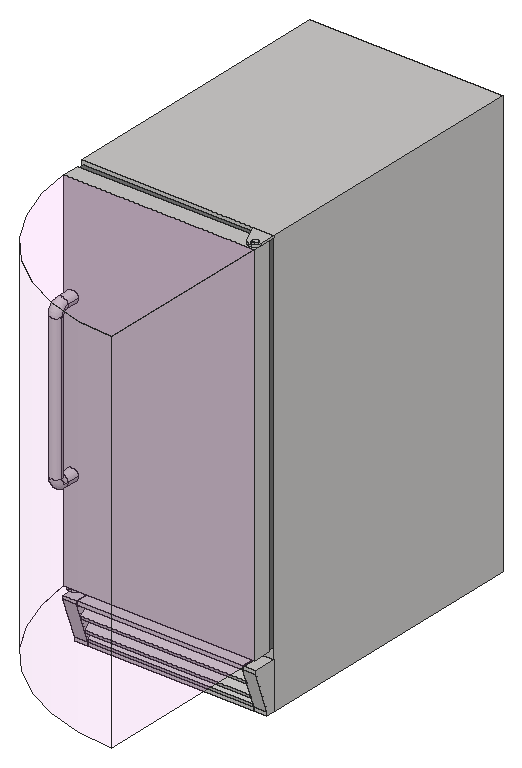
Revit family "QF_Summit_BIM47OS_Ice_Maker", category Specialty Equipment, Revit 2020
Family settings
  Round Connector Dimension = Use Diameter
  Part Type = Normal
  Work Plane-Based = No
  Always vertical = Yes
  Cut with Voids When Loaded = No
  Shared = No
  Room Calculation Point = No
Parameters
  Weight in Pounds = 100
  Watts = if(Phase = 3, Volts * FL Amps * 1.73, Volts * FL Amps)  # 552 W
  Waste Water Discharge Temperature = -459.67 °F
  Volts = 115 V
  Ventilation Remarks = ""
  URL Cutsheet = ""
  Specification by User = ""
  Specification by Manufacturer = ""
  Show LHD [instance] = not(Show RHD)  # no
  Show RHD [instance] = yes
  Show Clearance [instance] = yes
  Serial Number = ""
  Seismic Rating = ""
  SMACNA No = ""
  Revision Code = ""
  Refrigerant Volume = 0.00 kip
  Refrigerant Type = "R134a"
  Plumbing Remarks = ""
  Phase = 1
  Number of Poles = 1
  NAFEM Spec ID Number = ""
  Model = "BIM44G"
  Min Ckt Ampacity = 0 A
  Max Overcurrent Protection = 0 A
  Masterspec = ""
  Manufacturer = "Summit"
  Length = 14 1/2"
  Item Number = ""
  Installed By = ""
  Indirect Waste Size = 3/4"
  Indirect Waste Flow = 0 GPM
  Indirect Waste Connection Type = ""
  Indirect Waste Connection Height = 0"
  Identify Quantity as Lot = yes
  Height = 33"
  HP = ""
  Furnished By = ""
  Foodservice Equipment Identifier = yes
  FL Amps = 4.8 A
  Electrical Remarks = ""
  Electric Connection Type = ""
  Elec Conn RI Height = 0"
  Elec Conn Connection Height = 0"
  Direct Waste Size = 0"
  Direct Waste RI Height = 0"
  Direct Waste Flow = 0 GPM
  Direct Waste Connection Height = 0"
  Description = "Ice Maker"
  Depth = 23 1/4"
  Default Elevation = 0"
  Cycle = 60 Hz
  Conn Plug = ""
  Conn Conduit = yes
  Cold Water Temperature Recommended = -459.67 °F
  Cold Water Size = 3/8"
  Cold Water RI Height = 0"
  Cold Water Minimum Pressure = 0.00 psi
  Cold Water Maximum Pressure = 0.00 psi
  Cold Water Flow = 0 GPM
  Cold Water Consumption = ""
  Cold Water Connection Height = 0"
  CSI MasterFormat = ""
  Base Height [instance] = 7/8"
  BTUH = 0.0 Btu/h
  Apparent Power = if(Phase = 3, Volts * FL Amps * 1.73, Volts * FL Amps)  # 552 VA
Reference planes (in)
  plane 1 "BACK": y = 0
  plane 2: z = 0
  plane 3 "LEFT": x = 0
  plane 4 "RIGHT": x = 14.5
  plane 5 "FRONT": y = -23.25
  plane 6 "TOP": z = 33
  plane 7 "Center Y": x = 7.25
  plane 8 "Center X": y = -11.625
  plane 9 "Base Height": z = 0.875
  plane 10: y = -36.75
  plane 11: y = -25.25
  plane 12: y = -21.5
Forms (in)
  Extrusion 1, solid, material "QF_Metal_Stainless_Polished"
    sketch origin (0, 0, 0.875) x (-1, 0, 0) y (0, -1, 0)
      loop
        line (0, 0) -> (0, 21.5) -> (-14.5, 21.5) -> (-14.5, 0) -> (0, 0)
    from 0 to 32.125
  Extrusion 2, solid, material "QF_Metal_Stainless_Polished"
    sketch origin (14.5, -21.5, 0.875) x (-1, 0, 0) y (0, 0, -1)
      loop
        line (0.0625, -31.9375) -> (14.4375, -31.9375) -> (14.4375, -4.1875) -> (0.0625, -4.1875) -> (0.0625, -31.9375)
    from 0.48459 to 1.75
  Extrusion 3, solid, material "QF_Rubber - Black - Smooth"
    sketch origin (14.5, -21.5, 0.875) x (-1, 0, 0) y (0, 0, -1)
      loop
        line (14.375, -31.875) -> (14.375, -4.25) -> (0.125, -4.25) -> (0.125, -31.875) -> (14.375, -31.875)
    from 0 to 0.48459
  Extrusion 4, solid, material "QF_Metal_Stainless_Polished", visible <- "Show LHD"
    sketch origin (0, 0, 33) x (-1, 0, 0) y (0, -1, 0)
      loop
        arc (-1.59653, 21.54634) -> (-1.5807, 21.51337) -> (-1.54666, 21.5) r 0.05
        line (-1.54666, 21.5) -> (0, 21.5) -> (0, 22.79709)
        arc (0, 22.79709) -> (-0.10983, 23.06226) -> (-0.375, 23.17209) r 0.375
        line (-0.375, 23.17209) -> (-0.57316, 23.17209)
        arc (-0.57316, 23.17209) -> (-0.77491, 23.11319) -> (-0.91329, 22.95501) r 0.375
        line (-0.91329, 22.95501) -> (-1.59653, 21.54634)
      loop
        circle (-0.375, 22.85959) r 0.21875
    from 0 to -0.125
  Revolve 5, solid, material "QF_Metal_Stainless_Polished", visible <- "Show LHD"
    sketch origin (0, -22.8585, 0) x (1, 0, 0) y (0, 0, 1)
      loop
        line (0.375, 33.0625) -> (0.15649, 33.0625) -> (0.15649, 32.875) -> (0.26575, 32.875) -> (0.26575, 32.8125) -> (0.375, 32.8125) -> (0.375, 33.0625)
      axis (0.375, 32.8125) -> (0.375, 33.0625)
    angle from 0 to 360
  Extrusion 6, solid, material "QF_Metal_Stainless_Polished"
    sketch origin (14.4375, -21.5, 5.0625) x (0, 1, 0) y (1, 0, 0)
      loop
        line (0, -14.4375) -> (0, -12.89084)
        arc (0, -12.89084) -> (-0.01337, -12.8568) -> (-0.04634, -12.84097) r 0.05
        line (-0.04634, -12.84097) -> (-1.45501, -13.52421)
        arc (-1.45501, -13.52421) -> (-1.61319, -13.66259) -> (-1.67209, -13.86434) r 0.375
        line (-1.67209, -13.86434) -> (-1.67209, -14.0625)
        arc (-1.67209, -14.0625) -> (-1.56226, -14.32767) -> (-1.29709, -14.4375) r 0.375
        line (-1.29709, -14.4375) -> (0, -14.4375)
    from 0.125 to 0.25
  Extrusion 7, solid, material "QF_Metal_Stainless_Polished"
    sketch origin (14.4375, -21.5, 4.9375) x (0, 1, 0) y (-1, 0, 0)
      loop
        circle (-1.3585, 14.0625) r 0.21851
    from 0 to 0.125
  Extrusion 8, solid, material "QF_Metal_Stainless_Polished"
    sketch origin (0, 0, 0) x (0, 1, 0) y (0, 0, 1)
      loop
        line (-21.5, 0.875) -> (-21.5, 4.375) -> (-23.25, 4.375) -> (-23.25, 4.125) -> (-22.1822, 1.125) -> (-22.1822, 0.875) -> (-21.5, 0.875)
    from 0 to 1
  Extrusion 9, solid, material "QF_Metal_Stainless_Polished"
    sketch origin (14.5, 0, 0) x (0, -1, 0) y (0, 0, 1)
      loop
        line (21.5, 0.875) -> (22.1822, 0.875) -> (22.1822, 1.125) -> (23.25, 4.125) -> (23.25, 4.375) -> (21.5, 4.375) -> (21.5, 0.875)
    from 0 to 1
  Extrusion 10, solid, material "QF_Metal_Stainless_Polished"
    sketch origin (1, 0, 0) x (0, 1, 0) y (0, 0, 1)
      loop
        line (-21.5, 4.375) -> (-23.25, 4.375) -> (-23.25, 4.125) -> (-21.634, 4.125) -> (-22.93714, 3.24602) -> (-22.84816, 2.99602) -> (-21.63952, 2.99602) -> (-22.53089, 2.10465) -> (-22.44191, 1.85465) -> (-21.67961, 1.85465) -> (-22.26964, 1.37065) -> (-22.1822, 1.125) -> (-22.1822, 0.875) -> (-21.5, 0.875) -> (-21.5, 4.375)
    from 0 to 12.5
  Sweep 11, solid, material "QF_Metal_Stainless_Polished", visible <- "Show LHD"
    path origin (14.5, 0, 0) x (0, -1, 0) y (0, 0, 1)
      loop
        line (23.25, 25.25) -> (24.25, 25.25)
        arc (24.25, 25.25) -> (24.95711, 24.95711) -> (25.25, 24.25) r 1
        line (25.25, 24.25) -> (25.25, 13.375)
        arc (25.25, 13.375) -> (24.95711, 12.66789) -> (24.25, 12.375) r 1
        line (24.25, 12.375) -> (23.25, 12.375)
    profile origin (14.5, -25.25, 18.8125) x (-1, 0, 0) y (0, -1, 0)
      loop
        circle (0.6875, -0.4375) r 0.4375
  Extrusion 12, void
    sketch origin (0, 0, 0.875) x (1, 0, 0) y (0, 0, -1)
      loop
        line (0.25, -7.875) -> (5, -7.875) -> (5, -0.25) -> (0.25, -0.25) -> (0.25, -7.875)
    from -1 to 1
  Extrusion 13, solid, material "QF_Rubber - Black - Smooth"
    sketch origin (0, 0, 0.875) x (1, 0, 0) y (0, 0, -1)
      loop
        circle (5.5, -0.75) r 0.25
    from 0 to 0.0625
  Extrusion 14, solid
    sketch origin (0, -1, 0.875) x (1, 0, 0) y (0, 0, -1)
      loop
        circle (1.75, -4.875) r 0.375
      loop
        circle (3.0625, -6.57986) r 0.1875
    from 0 to 0.0625
  Extrusion 15, solid, material "QF_Clearances_Door_Drawer", visible <- "Show LHD"
    sketch origin (14.4375, -21.5, 5.0625) x (0, 1, 0) y (1, 0, 0)
      loop
        arc (-1.75, 0.00137) -> (-11.3422, -4.51854) -> (-15.25245, -14.375) r 14.42446
        line (-15.25245, -14.375) -> (-1.75, -14.375) -> (-1.75, 0.00137)
    from 0 to -27.75
  Revolve 16, solid, material "QF_Metal_Stainless_Polished"
    sketch origin (0, -20, 0) x (1, 0, 0) y (0, 0, 1)
      loop
        line (1, 0) -> (1.5, 0) -> (1.5, 0.875) -> (1.34375, 0.875) -> (1.34375, 0.5) -> (1, 0.5) -> (1, 0)
      axis (1.5, 0.875) -> (1.5, 0)
    angle from 0 to 360
  Revolve 17, solid, material "QF_Metal_Stainless_Polished"
    sketch origin (11.5, -20, 0) x (1, 0, 0) y (0, 0, 1)
      loop
        line (1, 0) -> (1.5, 0) -> (1.5, 0.875) -> (1.34375, 0.875) -> (1.34375, 0.5) -> (1, 0.5) -> (1, 0)
      axis (1.5, 0.875) -> (1.5, 0)
    angle from 0 to 360
  Revolve 18, solid, material "QF_Metal_Stainless_Polished"
    sketch origin (0, -1.5, 0) x (1, 0, 0) y (0, 0, 1)
      loop
        line (1, 0) -> (1.5, 0) -> (1.5, 0.875) -> (1.34375, 0.875) -> (1.34375, 0.5) -> (1, 0.5) -> (1, 0)
      axis (1.5, 0.875) -> (1.5, 0)
    angle from 0 to 360
  Revolve 19, solid, material "QF_Metal_Stainless_Polished"
    sketch origin (11.5, -1.5, 0) x (1, 0, 0) y (0, 0, 1)
      loop
        line (1, 0) -> (1.5, 0) -> (1.5, 0.875) -> (1.34375, 0.875) -> (1.34375, 0.5) -> (1, 0.5) -> (1, 0)
      axis (1.5, 0.875) -> (1.5, 0)
    angle from 0 to 360
  Extrusion 20, solid, material "QF_Metal_Stainless_Polished", visible <- "Show RHD"
    sketch origin (14.5, 0, 33) x (1, 0, 0) y (0, 1, 0)
      loop
        line (-1.59653, -21.54634) -> (-0.91329, -22.95501)
        arc (-0.91329, -22.95501) -> (-0.77491, -23.11319) -> (-0.57316, -23.17209) r 0.375
        line (-0.57316, -23.17209) -> (-0.375, -23.17209)
        arc (-0.375, -23.17209) -> (-0.10983, -23.06226) -> (0, -22.79709) r 0.375
        line (0, -22.79709) -> (0, -21.5) -> (-1.54666, -21.5)
        arc (-1.54666, -21.5) -> (-1.5807, -21.51337) -> (-1.59653, -21.54634) r 0.05
      loop
        circle (-0.375, -22.85959) r 0.21875
    from 0 to -0.125
  Revolve 21, solid, material "QF_Metal_Stainless_Polished", visible <- "Show RHD"
    sketch origin (14.5, -22.8585, 0) x (-1, 0, 0) y (0, 0, -1)
      loop
        line (0.375, -33.0625) -> (0.375, -32.8125) -> (0.26575, -32.8125) -> (0.26575, -32.875) -> (0.15649, -32.875) -> (0.15649, -33.0625) -> (0.375, -33.0625)
      axis (0.375, -32.8125) -> (0.375, -33.0625)
    angle from 0 to 360
  Sweep 22, solid, material "QF_Metal_Stainless_Polished", visible <- "Show RHD"
    path origin (0, 0, 0) x (0, -1, 0) y (0, 0, -1)
      loop
        line (23.25, -25.25) -> (24.25, -25.25)
        arc (24.25, -25.25) -> (24.95711, -24.95711) -> (25.25, -24.25) r 1
        line (25.25, -24.25) -> (25.25, -13.375)
        arc (25.25, -13.375) -> (24.95711, -12.66789) -> (24.25, -12.375) r 1
        line (24.25, -12.375) -> (23.25, -12.375)
    profile origin (0, -25.25, 18.8125) x (1, 0, 0) y (0, 1, 0)
      loop
        circle (0.6875, 0.4375) r 0.4375
  Extrusion 23, solid, material "QF_Clearances_Door_Drawer", visible <- "Show RHD"
    sketch origin (0.0625, -21.5, 5.0625) x (0, -1, 0) y (-1, 0, 0)
      loop
        line (1.75, 0.00137) -> (1.75, -14.375) -> (15.25245, -14.375)
        arc (15.25245, -14.375) -> (11.3422, -4.51854) -> (1.75, 0.00137) r 14.42446
    from 0 to -27.75
Cuts and joins
  Extrusion 12 cuts Extrusion 1
Lines and regions (in)
  Split face 1
    outline origin (0.375, -22.8585, 33.0625) x (0, 1, 0) y (-1, 0, 0)
      loop
        line (-0.02941, 0.21652) -> (-0.02941, -0.21751)
  Split face 2
    outline origin (0.375, -22.8585, 33.0625) x (0, 1, 0) y (-1, 0, 0)
      loop
        line (0.03309, 0.21651) -> (0.03309, -0.21651)
  Split face 3
    outline origin (14.125, -22.8585, 33.0625) x (1, 0, 0) y (0, 1, 0)
      loop
        line (0.21652, -0.02941) -> (-0.21751, -0.02941)
  Split face 4
    outline origin (14.125, -22.8585, 33.0625) x (1, 0, 0) y (0, 1, 0)
      loop
        line (0.21651, 0.03309) -> (-0.21651, 0.03309)
  symbolic lines
    curve 1: line (0, 0, 0.875) -> (14.5, 0, 0.875)
    curve 2: line (0, -23.25, 0.875) -> (0, 0, 0.875)
    curve 3: line (14.5, -21.5, 0.875) -> (0, -21.5, 0.875)
    curve 4: line (14.5, 0, 0.875) -> (14.5, -23.25, 0.875)
    curve 8: line (0, -23.25, 0.875) -> (14.5, -23.25, 0.875)
    curve 18: line (0.0625, -23.00438, 0.875) -> (0.0625, -23.25, 0.875)
  symbolic lines, visible <- "Show RHD"
    curve 5: line (14.375, -21.98459, 0.875) -> (14.375, -21.5, 0.875)
    curve 6: line (14.4375, -21.98459, 0.875) -> (1.38396, -21.98459, 0.875)
    curve 7: line (14.4375, -23.25, 0.875) -> (14.4375, -21.98459, 0.875)
    curve 9: arc (1.59653, -21.54634, 0.875) -> (1.5807, -21.51337, 0.875) -> (1.54666, -21.5, 0.875) r 0.05
    curve 10: line (0.91329, -22.95501, 0.875) -> (1.59653, -21.54634, 0.875)
    curve 11: arc (0.57316, -23.17209, 0.875) -> (0.77491, -23.11319, 0.875) -> (0.91329, -22.95501, 0.875) r 0.375
    curve 12: line (0.375, -23.17209, 0.875) -> (0.57316, -23.17209, 0.875)
    curve 13: arc (0, -22.79709, 0.875) -> (0.10983, -23.06226, 0.875) -> (0.375, -23.17209, 0.875) r 0.375
    curve 14: arc (0.59351, -22.8585, 0.875) -> (0.375, -23.07701, 0.875) -> (0.15649, -22.8585, 0.875) r 0.21851
    curve 15: arc (0.15649, -22.8585, 0.875) -> (0.375, -22.64, 0.875) -> (0.59351, -22.8585, 0.875) r 0.21851
    curve 16: line (0.15901, -22.82541, 0.875) -> (0.59099, -22.82541, 0.875)
    curve 17: line (0.15848, -22.88791, 0.875) -> (0.59152, -22.88791, 0.875)
    curve 24: line (0.37675, -23.25, 0.875) -> (0.37675, -24.81373, 0.875)
    curve 25: line (1.25016, -23.25, 0.875) -> (1.25016, -24.81373, 0.875)
    curve 26: arc (1.25016, -24.81373, 0.875) -> (0.81346, -25.25043, 0.875) -> (0.37675, -24.81373, 0.875) r 0.43671
  symbolic lines, visible <- "Show LHD"
    curve 19: line (14.12325, -23.25, 0.875) -> (14.12325, -24.81373, 0.875)
    curve 20: line (13.24984, -23.25, 0.875) -> (13.24984, -24.81373, 0.875)
    curve 21: arc (13.24984, -24.81373, 0.875) -> (13.68654, -25.25043, 0.875) -> (14.12325, -24.81373, 0.875) r 0.43671
    curve 27: arc (12.90347, -21.54634, 0.875) -> (12.9193, -21.51337, 0.875) -> (12.95334, -21.5, 0.875) r 0.05
    curve 28: line (13.58671, -22.95501, 0.875) -> (12.90347, -21.54634, 0.875)
    curve 29: arc (13.92684, -23.17209, 0.875) -> (13.72509, -23.11319, 0.875) -> (13.58671, -22.95501, 0.875) r 0.375
    curve 30: line (14.125, -23.17209, 0.875) -> (13.92684, -23.17209, 0.875)
    curve 31: arc (14.5, -22.79709, 0.875) -> (14.39017, -23.06226, 0.875) -> (14.125, -23.17209, 0.875) r 0.375
    curve 32: arc (13.90649, -22.8585, 0.875) -> (14.125, -23.07701, 0.875) -> (14.34351, -22.8585, 0.875) r 0.21851
    curve 33: arc (14.34351, -22.8585, 0.875) -> (14.125, -22.64, 0.875) -> (13.90649, -22.8585, 0.875) r 0.21851
    curve 34: line (14.34099, -22.82541, 0.875) -> (13.90901, -22.82541, 0.875)
    curve 35: line (14.34152, -22.88791, 0.875) -> (13.90848, -22.88791, 0.875)
    curve 36: line (0.125, -21.98459, 0.875) -> (0.125, -21.5, 0.875)
    curve 37: line (0.0625, -21.98459, 0.875) -> (13.11604, -21.98459, 0.875)
    curve 38: line (0.0625, -23.25, 0.875) -> (0.0625, -21.98459, 0.875)
  symbolic lines, style "QF_Clearances_Door_Drawer", visible <- "Show Clearance"
    curve 22: arc (14.43783, -23.25, 0.875) -> (13.72697, -26.87976, 0.875) -> (12.11734, -30.20986, 0.875) r 14.43997
    curve 23: line (0.0625, -23.25, 0.875) -> (12.11734, -30.20986, 0.875)
Dimensions and locks (in)
  equal spacing: plane 3 "LEFT", plane 7 "Center Y", plane 4 "RIGHT"
  "Length": plane 3 "LEFT" to plane 4 "RIGHT"
  equal spacing: plane 5 "FRONT", plane 8 "Center X", plane 1 "BACK"
  "Depth": plane 5 "FRONT" to plane 1 "BACK"
  "Height": plane 6 "TOP" to level
  "Base Height": plane 9 "Base Height" to level
  plane 10 to plane 1 "BACK" = 36 3/4"
  plane 11 to plane 5 "FRONT" = 2"
  plane 12 to plane 1 "BACK" = 21 1/2"
  plane 6 "TOP" to plane 9 "Base Height" = 32 1/8"
  aligned and locked: level to plane 2
Automatic sketch dimensions
  plane 1 "BACK" to Extrusion 1 sketch curve = 0"
  Extrusion 1 sketch curve to plane 4 "RIGHT" = 0"
  Extrusion 1 sketch curve to plane 3 "LEFT" = 0"
  plane 12 to Extrusion 1 sketch curve = 0"
  Extrusion 2 sketch curve to Extrusion 1 = 1/16"
  Extrusion 1 to Extrusion 2 sketch curve = 1/16"
  Extrusion 1 to Extrusion 2 sketch curve = 3/16"
  Extrusion 1 to Extrusion 2 sketch curve = 4 3/16"
  Extrusion 3 sketch curve to Extrusion 1 = 1/8"
  Extrusion 1 to Extrusion 3 sketch curve = 1/8"
  Extrusion 1 to Extrusion 3 sketch curve = 1/4"
  Extrusion 1 to Extrusion 3 sketch curve = 4 1/4"
  Extrusion 1 to Extrusion 4 sketch curve = 0"
  Extrusion 4 sketch curve to Extrusion 1 = 0"
  Extrusion 4 sketch curve to Extrusion 4 sketch curve = 3/8"
  Extrusion 4 sketch curve to Extrusion 4 sketch curve = 0"  (x2)
  Extrusion 4 sketch curve to Extrusion 4 sketch curve = 0.19816"
  Extrusion 4 sketch curve to Extrusion 4 sketch curve = 0.34013"
  Extrusion 4 sketch curve to Extrusion 1 = 1.54666"
  Extrusion 1 to Extrusion 4 sketch curve = 0.04634"
  Extrusion 4 sketch curve to Extrusion 4 sketch curve = 0.04987"
  Extrusion 1 to Extrusion 4 sketch curve = 1.29709"
  Extrusion 4 sketch curve to Extrusion 4 sketch curve = 1/16"
  plane 6 "TOP" to Revolve 5 sketch curve = 1/16"
  plane 3 "LEFT" to Revolve 5 sketch curve = 0.15649"
  Revolve 5 sketch curve to Revolve 5 sketch curve = 0.10925"  (x2)
  Revolve 5 sketch curve to plane 6 "TOP" = 1/8"
  Revolve 5 sketch curve to Revolve 5 sketch curve = 1/16"
  Revolve 5 sketch curve to Revolve 5 sketch curve = 0"  (x2)
  Revolve 5 sketch curve to Revolve 5 sketch curve = 0.17625"
  Revolve 5 to Split face 1 sketch curve = 0.02941"
  Split face 1 sketch curve to Split face 1 sketch curve = 0.43403"
  Split face 2 sketch curve to Revolve 5 = 0.03309"
  Split face 2 sketch curve to Split face 2 sketch curve = 0.43301"
  Extrusion 6 sketch curve to Extrusion 2 = 0.07791"
  Extrusion 6 sketch curve to Extrusion 2 = 0.29499"
  Extrusion 6 sketch curve to Extrusion 6 sketch curve = 0.15792"
  Extrusion 2 to Extrusion 6 sketch curve = 1/16"
  Extrusion 6 sketch curve to Extrusion 2 = 0.45291"
  Extrusion 2 to Extrusion 6 sketch curve = 0.43459"
  Extrusion 6 sketch curve to Extrusion 6 sketch curve = 0.00366"
  Extrusion 2 to Extrusion 6 sketch curve = 0.48459"
  Extrusion 6 sketch curve to Extrusion 6 sketch curve = 0.19816"
  Extrusion 6 sketch curve to Extrusion 2 = 1.48416"
  Extrusion 7 sketch curve to Extrusion 7 sketch curve = 0"  (x2)
  Extrusion 7 sketch curve to Extrusion 6 = 0.31359"
  Extrusion 7 sketch curve to Extrusion 6 = 3/8"
  Extrusion 7 sketch curve to Extrusion 7 sketch curve = 0.21851"
  Extrusion 8 sketch curve to plane 5 "FRONT" = 0"
  Extrusion 8 sketch curve to plane 9 "Base Height" = 0"
  Extrusion 8 sketch curve to plane 12 = 0"
  plane 9 "Base Height" to Extrusion 8 sketch curve = 1/4"
  plane 12 to Extrusion 8 sketch curve = 0.6822"
  Extrusion 8 sketch curve to Extrusion 8 sketch curve = 3"
  Extrusion 8 sketch curve to Extrusion 8 sketch curve = 1/4"
  Extrusion 9 sketch curve to plane 12 = 0"
  Extrusion 9 sketch curve to plane 9 "Base Height" = 0"
  Extrusion 9 sketch curve to plane 5 "FRONT" = 0"
  plane 12 to Extrusion 9 sketch curve = 0.6822"
  Extrusion 9 sketch curve to Extrusion 9 sketch curve = 1/4"  (x2)
  Extrusion 9 sketch curve to Extrusion 9 sketch curve = 3"
  Extrusion 10 sketch curve to Extrusion 8 = 0"  (x5)
  Extrusion 8 to Extrusion 10 sketch curve = 0"  (x7)
  Extrusion 10 sketch curve to Extrusion 8 = 0.31286"
  Extrusion 10 sketch curve to Extrusion 10 sketch curve = 0.08898"
  Extrusion 8 to Extrusion 10 sketch curve = 0.34869"
  Extrusion 8 to Extrusion 10 sketch curve = 0.25971"
  Extrusion 8 to Extrusion 10 sketch curve = 0.08744"
  Extrusion 10 sketch curve to Extrusion 8 = 0.17961"
  Extrusion 10 sketch curve to Extrusion 8 = 0.13952"
  Extrusion 10 sketch curve to Extrusion 8 = 0.134"
  Sweep 11 sketch curve to plane 5 "FRONT" = 0"  (x2)
  Sweep 11 sketch curve to plane 11 = 0"
  plane 5 "FRONT" to Sweep 11 sketch curve = 1"  (x2)
  plane 9 "Base Height" to Sweep 11 sketch curve = 11 1/2"
  Sweep 11 sketch curve to plane 6 "TOP" = 8 3/4"
  Sweep 11 sketch curve to Sweep 11 sketch curve = 0"  (x2)
  plane 4 "RIGHT" to Sweep 11 sketch curve = 11/16"
  profile plane to Sweep 11 sketch curve = 7/16"
  plane 4 "RIGHT" to Sweep 11 sketch curve = 1/4"
  Extrusion 12 sketch curve to Extrusion 1 = 1/4"
  Extrusion 1 to Extrusion 12 sketch curve = 1/4"
  Extrusion 12 sketch curve to Extrusion 12 sketch curve = 4 3/4"
  Extrusion 12 sketch curve to Extrusion 12 sketch curve = 7 5/8"
  Extrusion 1 to Extrusion 13 sketch curve = 3/4"
  Extrusion 13 sketch curve to Extrusion 1 = 5 1/2"
  Extrusion 14 sketch curve to Extrusion 12 = 1 1/2"
  Extrusion 14 sketch curve to Extrusion 12 = 1 15/16"
  Extrusion 14 sketch curve to Extrusion 12 = 1.29514"
  Extrusion 14 sketch curve to Extrusion 14 sketch curve = 1.70486"
  Extrusion 15 sketch curve to Extrusion 2 = 0"
  Extrusion 2 to Extrusion 15 sketch curve = 0"
  Extrusion 2 to Extrusion 15 sketch curve = 13.50245"
  Extrusion 2 to Extrusion 15 sketch curve = 0.01859"
  Extrusion 15 sketch curve to Extrusion 2 = 0.34341"
  Revolve 16 sketch curve to level = 0"  (x2)
  Revolve 16 sketch curve to plane 9 "Base Height" = 0"
  plane 3 "LEFT" to Revolve 16 sketch curve = 1"
  Revolve 16 sketch curve to Revolve 16 sketch curve = 11/32"
  Revolve 16 sketch curve to Revolve 16 sketch curve = 1/2"
  Revolve 16 sketch curve to plane 9 "Base Height" = 3/8"
  Revolve 16 sketch curve to Revolve 16 sketch curve = 0"
  Revolve 16 sketch curve to Revolve 16 sketch curve = 0.61388"
  Revolve 17 sketch curve to level = 0"  (x2)
  Revolve 17 sketch curve to plane 9 "Base Height" = 0"
  plane 4 "RIGHT" to Revolve 17 sketch curve = 2"
  Revolve 17 sketch curve to Revolve 17 sketch curve = 11/32"
  Revolve 17 sketch curve to Revolve 17 sketch curve = 1/2"
  Revolve 17 sketch curve to plane 9 "Base Height" = 3/8"
  Revolve 17 sketch curve to Revolve 17 sketch curve = 0"
  Revolve 17 sketch curve to Revolve 17 sketch curve = 0.61388"
  Revolve 18 sketch curve to level = 0"  (x2)
  Revolve 18 sketch curve to plane 9 "Base Height" = 0"
  plane 3 "LEFT" to Revolve 18 sketch curve = 1"
  Revolve 18 sketch curve to Revolve 18 sketch curve = 11/32"
  Revolve 18 sketch curve to Revolve 18 sketch curve = 1/2"
  Revolve 18 sketch curve to plane 9 "Base Height" = 3/8"
  Revolve 18 sketch curve to Revolve 18 sketch curve = 0"
  Revolve 18 sketch curve to Revolve 18 sketch curve = 0.61388"
  Revolve 19 sketch curve to level = 0"  (x2)
  Revolve 19 sketch curve to plane 9 "Base Height" = 0"
  plane 4 "RIGHT" to Revolve 19 sketch curve = 2"
  Revolve 19 sketch curve to Revolve 19 sketch curve = 11/32"
  Revolve 19 sketch curve to Revolve 19 sketch curve = 1/2"
  Revolve 19 sketch curve to plane 9 "Base Height" = 3/8"
  Revolve 19 sketch curve to Revolve 19 sketch curve = 0"
  Revolve 19 sketch curve to Revolve 19 sketch curve = 0.61388"
  Extrusion 1 to Extrusion 20 sketch curve = 0"
  Extrusion 20 sketch curve to Extrusion 1 = 0"
  Extrusion 20 sketch curve to Extrusion 20 sketch curve = 3/8"
  Extrusion 20 sketch curve to Extrusion 20 sketch curve = 0"  (x2)
  Extrusion 20 sketch curve to Extrusion 20 sketch curve = 0.19816"
  Extrusion 20 sketch curve to Extrusion 20 sketch curve = 0.34013"
  Extrusion 20 sketch curve to Extrusion 20 sketch curve = 1.54666"
  Extrusion 1 to Extrusion 20 sketch curve = 0.04634"
  Extrusion 20 sketch curve to Extrusion 20 sketch curve = 0.04987"
  Extrusion 1 to Extrusion 20 sketch curve = 1.29709"
  Extrusion 20 sketch curve to Extrusion 20 sketch curve = 1/16"
  plane 6 "TOP" to Revolve 21 sketch curve = 1/16"
  plane 4 "RIGHT" to Revolve 21 sketch curve = 0.15649"
  Revolve 21 sketch curve to Revolve 21 sketch curve = 0.10925"  (x2)
  Revolve 21 sketch curve to plane 6 "TOP" = 1/8"
  Revolve 21 sketch curve to Revolve 21 sketch curve = 1/16"
  Revolve 21 sketch curve to Revolve 21 sketch curve = 0"  (x2)
  Revolve 21 sketch curve to Revolve 21 sketch curve = 0.17625"
  Revolve 21 to Split face 3 sketch curve = 0.02941"
  Split face 3 sketch curve to Split face 3 sketch curve = 0.43403"
  Split face 4 sketch curve to Revolve 21 = 0.03309"
  Split face 4 sketch curve to Split face 4 sketch curve = 0.43301"
  Sweep 22 sketch curve to plane 5 "FRONT" = 0"  (x2)
  Sweep 22 sketch curve to plane 11 = 0"
  plane 5 "FRONT" to Sweep 22 sketch curve = 1"  (x2)
  Sweep 22 sketch curve to plane 6 "TOP" = 7 3/4"
  Sweep 22 sketch curve to Sweep 22 sketch curve = 10 7/8"
  Sweep 22 sketch curve to Sweep 22 sketch curve = 0"  (x2)
  profile plane to Sweep 22 sketch curve = 11/16"
  Sweep 22 sketch curve to profile plane = 7/16"
  profile plane to Sweep 22 sketch curve = 1/4"
  Extrusion 23 sketch curve to Extrusion 2 = 0"  (x2)
  Extrusion 23 sketch curve to Extrusion 2 = 0.01859"
  Extrusion 23 sketch curve to Extrusion 2 = 0.34341"
  Extrusion 2 to Extrusion 23 sketch curve = 13.50245"
  plane 1 "BACK" to curve 1 = 0"
  curve 1 to plane 4 "RIGHT" = 0"
  plane 5 "FRONT" to curve 22 = 0"
  plane 12 to curve 5 = 0"
  plane 5 "FRONT" to curve 18 = 0"
  curve 3 to plane 3 "LEFT" = 0"
  plane 4 "RIGHT" to curve 7 = 1/16"
  curve 31 to curve 31 = 3/8"
  curve 33 to curve 31 = 0"
  plane 4 "RIGHT" to curve 19 = 0.37675"
  curve 30 to plane 5 "FRONT" = 0.07791"
  curve 30 to curve 30 = 0.19816"
  curve 21 to curve 21 = 0.43671"
  curve 28 to plane 5 "FRONT" = 0.29499"
  curve 29 to curve 28 = 0.34013"
  plane 12 to curve 27 = 0.05"
  curve 28 to curve 27 = 0.63337"
  plane 12 to curve 28 = 0.04634"
  plane 4 "RIGHT" to curve 23 = 2.38266"
  plane 12 to curve 10 = 0.04634"
  plane 3 "LEFT" to curve 10 = 1.59653"
  curve 9 to curve 9 = 0.04987"
  plane 3 "LEFT" to curve 25 = 1.25016"
  curve 10 to plane 5 "FRONT" = 0.29499"
  curve 25 to curve 10 = 0.33688"
  curve 26 to curve 26 = 0.43671"
  curve 11 to curve 11 = 0.34013"
  curve 24 to curve 12 = 0.00175"
  curve 15 to curve 13 = 0"
  curve 18 to curve 2 = 1/16"
  plane 3 "LEFT" to curve 22 = 0.02832"
  plane 12 to curve 7 = 0.48459"
  plane 12 to curve 37 = 0.48459"
  curve 37 to curve 22 = 0.32791"
  curve 13 to plane 5 "FRONT" = 0.45291"
  curve 13 to curve 15 = 0.06141"
  curve 31 to curve 33 = 0.06141"
  plane 11 to curve 26 = 0.43627"
  plane 11 to curve 21 = 0.43627"
  curve 23 to plane 11 = 4.95986"
  curve 6 to curve 5 = 1/16"
  plane 4 "RIGHT" to curve 32 = 0.15649"
  curve 32 to curve 35 = 0.00199"
  curve 33 to curve 34 = 0.00252"
  curve 15 to curve 11 = 0.02035"
  curve 14 to curve 17 = 0.00199"
  curve 15 to curve 16 = 0.00252"
  curve 36 to curve 3 = 1/8"
  radius of Extrusion 4 sketch curve = 7/32"
  radius of Extrusion 13 sketch curve = 1/4"
  radius of Extrusion 14 sketch curve = 3/8"
  radius of Extrusion 14 sketch curve = 3/16"
  radius of Extrusion 20 sketch curve = 7/32"
Connectors (in)
  piping at (1.75, -0.9375, 5.75), diameter 0.75
    settings: on Extrusion 14, index 1, connector inside diameter 24", connector length 0", flow factor 0, pipe flow 0 GPM, pressure drop 0.00 psi, fitting loss kfactor 0, connector angle 0.00°, fixture units 0, engagement length 0", angle of deflection 0.00°, flow configuration 1, flow direction 2, fitting loss method 0, system type 16, joint type 0, gender type 0, connector reference index -1, connector utility 0, adjustable connector no, is connector primary yes, connector description "Drain"
  piping at (3.0625, -0.9375, 7.45486), diameter 0.375
    settings: on Extrusion 14, index 2, connector inside diameter 24", connector length 0", flow factor 0, pipe flow 0 GPM, pressure drop 0.00 psi, fitting loss kfactor 0, connector angle 0.00°, fixture units 0, engagement length 0", angle of deflection 0.00°, flow configuration 1, flow direction 1, fitting loss method 0, system type 20, joint type 0, gender type 0, connector reference index -1, connector utility 0, adjustable connector no, is connector primary no, connector description "Cold Water Connection"
  electrical at (5.5, 0.0625, 1.625), driven by "Volts"
    settings: on Extrusion 13, index 3, voltage 115 V, apparent load 0 VA, apparent load phase1 0 VA, apparent load phase2 0 VA, apparent load phase3 0 VA, power factor 1, load classification "Other", number of poles 1, system type 30, power factor state 1, is connector primary yes, connector utility no, sub classification motor no, connector description "Electrical Connection"
